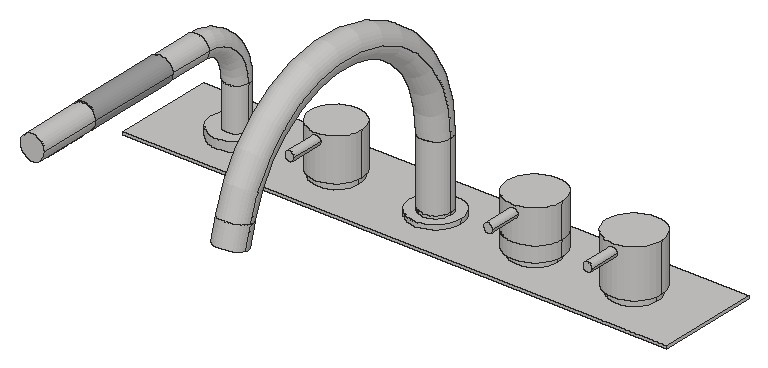
Revit family "BK16", category Generic Models, Revit 2021
Family settings
  Can host rebar = No
  Round Connector Dimension = Use Diameter
  Part Type = Normal
  Work Plane-Based = No
  Always vertical = Yes
  Cut with Voids When Loaded = No
  Shared = No
  Room Calculation Point = No
Parameters (values of type "Standard")
  e-mail = "info@vola.com"
  URL = "http://vola.com"
  Telephone = "+45 7023 5500"
  Quality management standard = "ISO 9001"
  Organisation no. / DUNS no. = "17531328"
  Occupational health and safety management standard = "ISO 18001"
  Mounting Instructions = "http://vola.com/service/producturl.ashx?name=BK16"
  Model = "BK16"
  Materials and components information = "http://vola.com/service/producturl.ashx?name=BK16"
  Manufacturer = "VOLA A/S"
  Maintenance Instructions = "http://vola.com/service/producturl.ashx?name=BK16"
  Guarantee = "2 years"
  Flow = "30,00 l/min"
  Environmental management standard = "ISO 14000"
  Default Elevation = 0.0000 mm
  Connection - All relevant connections = "½\" flexible hose"
  Approvals = "http://vola.com/service/producturl.ashx?name=BK16"
Reference planes
  plane 1 "Center (Front/Back)": y = 0
  plane 2: z = 0
  plane 3 "Center (Left/Right)": x = 0
Forms (mm)
  Extrusion 1, solid, material "Stainless Steel"
    sketch origin (117, 0, 6.5) x (1, 0, 0) y (0, 1, 0)
      loop
        line (-330.5, 40) -> (-330.5, -40) -> (96.5, -40) -> (96.5, 40) -> (-330.5, 40)
    from -6.5 to -4.5
  Extrusion 2, solid, material "Stainless Steel"
    sketch origin (78, 0, 0) x (1, 0, 0) y (0, 1, 0)
      loop
        circle (0, 0) r 21.5
    from 19 to 45.5
  Extrusion 3, solid, material "Stainless Steel"
    sketch origin (78, 0, 0) x (1, 0, 0) y (0, 1, 0)
      loop
        circle (0, 0) r 18
    from 2 to 7
  Extrusion 4, solid, material "Stainless Steel"
    sketch origin (-78, 0, 0) x (1, 0, 0) y (0, 1, 0)
      loop
        circle (0, 0) r 20
    from 7 to 40.5
  Extrusion 5, solid, material "Stainless Steel"
    sketch origin (-78, 0, 0) x (1, 0, 0) y (0, 1, 0)
      loop
        circle (0, 0) r 18
    from 2 to 7
  Extrusion 6, solid, material "Stainless Steel"
    sketch origin (-78, 0, 0.75) x (1, 0, 0) y (0, 0, 1)
      loop
        circle (0, 34.5) r 3.5
    from 19 to 45.5
  Extrusion 7, solid, material "Stainless Steel"
    sketch origin (0, 0, 2) x (1, 0, 0) y (0, 1, 0)
      loop
        circle (0, 0) r 20
    from 0 to 3.5
  Extrusion 8, solid, material "Stainless Steel"
    sketch origin (0, 0, 5.5) x (1, 0, 0) y (0, 1, 0)
      loop
        circle (0, 0) r 12
    from 0 to 2
  Sweep 9, solid, material "Stainless Steel"
    path origin (0, 0, 0) x (0, 1, 0) y (0, 0, 1)
      loop
        line (0, 7.5) -> (0, 59.5)
        arc (0, 59.5) -> (-86.947, 158.644) -> (-196.593, 85.382) r 100
    profile origin (0, 0, 33.5) x (0, -1, 0) y (1, 0, 0)
      loop
        circle (0, 0) r 12
  Extrusion 10, solid, material "Stainless Steel"
    sketch origin (0, -196.722, 84.899) x (1, 0, 0) y (0, -0.965926, 0.258819)
      loop
        circle (0, 0) r 12
    from -0.5 to 17.2
  Extrusion 11, solid, material "Stainless Steel"
    sketch origin (78, 0, 7) x (1, 0, 0) y (0, 1, 0)
      loop
        circle (0, 0) r 21.5
    from 0 to 12
  Extrusion 12, solid, material "Stainless Steel"
    sketch origin (78, 0, 5) x (1, 0, 0) y (0, 0, 1)
      loop
        circle (0, 34.5) r 3.5
    from 19 to 45.5
  Extrusion 13, solid, material "Stainless Steel"
    sketch origin (156, 0, 0) x (1, 0, 0) y (0, 1, 0)
      loop
        circle (0, 0) r 21.5
    from 8.03 to 45.53
  Extrusion 14, solid, material "Stainless Steel"
    sketch origin (156, 0, -0.97) x (1, 0, 0) y (0, 1, 0)
      loop
        circle (0, 0) r 18
    from 2.97 to 9
  Extrusion 15, solid, material "Stainless Steel"
    sketch origin (156, 0, 5.03) x (1, 0, 0) y (0, 0, 1)
      loop
        circle (0, 34.5) r 3.5
    from 19 to 45.5
  Extrusion 16, solid, material "Stainless Steel"
    sketch origin (-156, 0, 2) x (1, 0, 0) y (0, 1, 0)
      loop
        circle (0, 0) r 20
    from 0 to 7
  Sweep 17, solid, material "Stainless Steel"
    path origin (-156, 0, 2) x (0, 1, 0) y (0, 0, 1)
      loop
        line (0, 7) -> (0, 40.5)
        arc (0, 40.5) -> (-11.569, 68.431) -> (-39.5, 80) r 39.5
        line (-39.5, 80) -> (-75.5, 80)
    profile origin (-156, 0, 25.75) x (0, -1, 0) y (1, 0, 0)
      loop
        circle (0, 0) r 9.5
  Extrusion 18, solid, material "Grey Coating"
    sketch origin (-156, -75.5, 82) x (1, 0, 0) y (0, 0, 1)
      loop
        circle (0, 0) r 10
    from 0 to 75
  Extrusion 19, solid, material "Stainless Steel"
    sketch origin (-156, -150.5, 82) x (1, 0, 0) y (0, 0, 1)
      loop
        circle (0, 0) r 9.5
    from 0 to 50
  Extrusion 20, solid, material "Stainless Steel"
    sketch origin (-156, 9.25, 64.884) x (1, 0, 0) y (0, 1, 0)
      loop
        circle (0, -200.45) r 1.225
      loop
        circle (0, -195.95) r 1.225
      loop
        circle (0, -191.45) r 1.225
      loop
        circle (0, -186.95) r 1.225
      loop
        circle (0, -182.45) r 1.225
      loop
        circle (0, -177.95) r 1.225
      loop
        circle (0, -173.45) r 1.225
      loop
        circle (0, -168.95) r 1.225
    from 7.116 to 10.217
  Extrusion 21, solid, material "Stainless Steel"
    sketch origin (-147.702, 9.25, 67.03) x (-0.87462, 0, -0.48481) y (0, -1, 0)
      loop
        circle (0, 200.45) r 1.225
      loop
        circle (0, 195.95) r 1.225
      loop
        circle (0, 191.45) r 1.225
      loop
        circle (0, 186.95) r 1.225
      loop
        circle (0, 182.45) r 1.225
      loop
        circle (0, 177.95) r 1.225
      loop
        circle (0, 173.45) r 1.225
      loop
        circle (0, 168.95) r 1.225
    from 7.116 to 10.217
  Extrusion 22, solid, material "Stainless Steel"
    sketch origin (-164.298, 9.25, 67.03) x (0.87462, 0, -0.48481) y (0, 1, 0)
      loop
        circle (0, -200.45) r 1.225
      loop
        circle (0, -195.95) r 1.225
      loop
        circle (0, -191.45) r 1.225
      loop
        circle (0, -186.95) r 1.225
      loop
        circle (0, -182.45) r 1.225
      loop
        circle (0, -177.95) r 1.225
      loop
        circle (0, -173.45) r 1.225
      loop
        circle (0, -168.95) r 1.225
    from 7.116 to 10.217
Cuts and joins
  joined: Extrusion 4, Extrusion 6
  joined: Extrusion 2, Extrusion 12
  joined: Extrusion 13, Extrusion 15
Lines and regions (mm)
  model lines
    curve 1: line (-71.95, 19.141, 40.5) -> (-71.95, -19.141, 40.5)
    curve 2: line (-84.05, 19.141, 40.5) -> (-84.05, -19.141, 40.5)
Dimensions and locks
  aligned and locked: plane 2 to level
  aligned and locked: Extrusion 10 to Sweep 9
